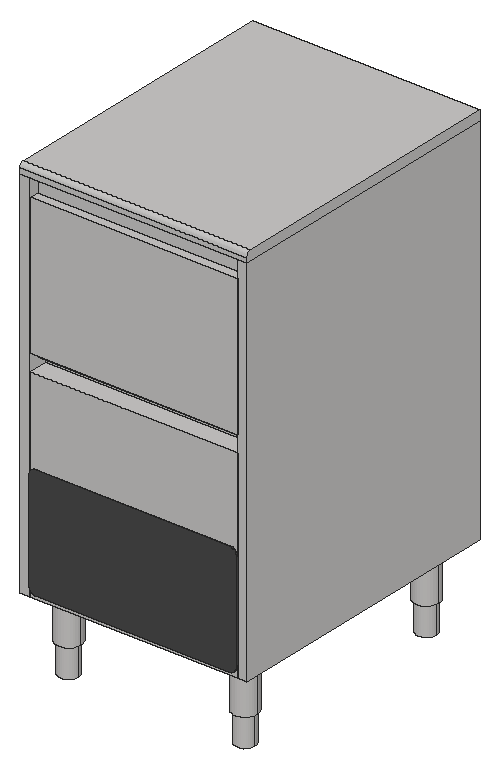
Revit family "QF_ZANUSSI_730336_IGE55I20SNP", category Attrezzature speciali, Revit 2018
Family settings
  Quota connettore circolare = Usa diametro
  Tipo di parte = Normale
  Basato su piano di lavoro = No
  Sempre verticale = Sì
  Taglio con vuoti quando caricato = No
  Condiviso = No
  Punto di calcolo locali = No
Parameters (values of type "Standard")
  Weight = 0.00 kg
  Watts = 550 W
  Volts = 220 V
  URL Manufacturer = "http://www.zanussiprofessional.com"
  URL = "http://www.zanussiprofessional.com"
  Steam Supply Size = 0 mm
  Steam Supply Minimum Pressure = 0.0 Pa
  Steam Supply Maximum Pressure = 0.0 Pa
  Steam Pounds per Hour = 0
  Show Logo [instance] = yes
  Show Clearance [instance] = yes
  Refrigeration Suction Line Size = 0 mm
  Refrigeration Liquid Line Size = 0 mm
  Refrigerant Compressor Remote = yes
  Produttore = "Zanussi"
  Phase = 1
  Modello = "IGE55I20SNP"
  Length Actual = 465 mm  # constant formula
  Item Number = "730336"
  Hot Water Size = 0 mm
  Height Actual = 105 mm  # constant formula
  HP = "0.7 HP"
  Gas Size = 0 mm
  Gas KW = 0
  Gas Input Pressure = 0 W
  Descrizione = "AIR COOLED GRANULAR ICE XS 74KG/24H-BIN 20KG"
  Depth Actual = 595 mm  # constant formula
  Cycle = 50 Hz
  Condensate Return Size = 0 mm
  Compressed Air Volume = 0.0 L/s
  Compressed Air Size = 0 mm
  Compressed Air Pressure = 0.0 Pa
  Cold Water Size = 19.05 mm
  Accessory = yes
Reference planes
  plane 1 "Center X": y = 272.851
  plane 2: z = 0
  plane 3 "Center Y": x = -501.5
  plane 4 "LEFT": x = -734
  plane 5 "RIGHT": x = -269
  plane 6 "FRONT": y = -24.649
  plane 7 "BACK": y = 570.351
  plane 8: z = 155
  plane 9: z = 943
  plane 10: z = 923
  plane 11: x = -714
  plane 12: x = -289
  plane 13: y = 15.351
Forms (mm)
  Extrusion 1, solid, material "QF_Finishes_Black"
    sketch origin (-217.296, -24.649, 371.513) x (-1, 0, 0) y (0, 0, -1)
      loop
        arc (481.704, -21.487) -> (492.311, -17.093) -> (496.704, -6.487) r 15
        line (496.704, -6.487) -> (496.704, 194.469)
        arc (496.704, 194.469) -> (492.311, 205.075) -> (481.704, 209.469) r 15
        line (481.704, 209.469) -> (86.704, 209.469)
        arc (86.704, 209.469) -> (76.097, 205.075) -> (71.704, 194.469) r 15
        line (71.704, 194.469) -> (71.704, -6.487)
        arc (71.704, -6.487) -> (76.097, -17.093) -> (86.704, -21.487) r 15
        line (86.704, -21.487) -> (481.704, -21.487)
    from 0 to 2
  Extrusion 2, solid, material "QF_Finishes_Stainless Steel"
    sketch origin (-501.5, 0, 0) x (0, 1, 0) y (0, 0, 1)
      loop
        line (570.351, 923) -> (570.351, 943) -> (-14.649, 943)
        arc (-14.649, 943) -> (-21.72, 940.071) -> (-24.649, 933) r 10
        line (-24.649, 933) -> (-24.649, 923) -> (570.351, 923)
    from -232.5 to 232.5
  Extrusion 3, solid, material "QF_Finishes_Stainless Steel"
    sketch origin (-321.2, 570.351, -329.545) x (1, 0, 0) y (0, 0, -1)
      loop
        circle (-16.8, -655.545) r 10
    from 0 to 10
  Extrusion 4, solid, material "QF_Finishes_Stainless Steel"
    sketch origin (0, 0, 0) x (1, 0, 0) y (0, 1, 0)
      loop
        line (-734, 570.351) -> (-734, -24.649) -> (-714, -24.649) -> (-714, 570.351) -> (-734, 570.351)
    from 155 to 923
  Extrusion 5, solid, material "QF_Finishes_Stainless Steel"
    sketch origin (0, 0, 0) x (1, 0, 0) y (0, 1, 0)
      loop
        line (-289, 570.351) -> (-289, -24.649) -> (-269, -24.649) -> (-269, 570.351) -> (-289, 570.351)
    from 155 to 923
  Extrusion 6, solid, material "QF_Finishes_Stainless Steel"
    sketch origin (0, 0, 0) x (1, 0, 0) y (0, 1, 0)
      loop
        line (-714, 570.351) -> (-714, 15.351) -> (-289, 15.351) -> (-289, 570.351) -> (-714, 570.351)
    from 155 to 923
  Extrusion 7, solid, material "QF_Finishes_Stainless Steel"
    sketch origin (0, 0, 0) x (1, 0, 0) y (0, 1, 0)
      loop
        line (-714, -24.649) -> (-289, -24.649) -> (-289, 15.351) -> (-714, 15.351) -> (-714, -24.649)
    from 155 to 567.953
  Extrusion 8, solid, material "QF_Finishes_Stainless Steel"
    sketch origin (-501.5, 0, 0) x (0, 1, 0) y (0, 0, 1)
      loop
        line (15.351, 923) -> (-4.649, 923) -> (-4.649, 887) -> (-24.649, 887) -> (-24.649, 601.652) -> (-4.649, 601.652) -> (-4.649, 586.652) -> (15.351, 586.652) -> (15.351, 923)
    from -212.5 to 212.5
  Extrusion 9, solid, material "QF_Finishes_Stainless Steel"
    sketch origin (-303.2, 570.351, -440.545) x (1, 0, 0) y (0, 0, -1)
      loop
        circle (-16.8, -655.545) r 10
    from 0 to 10
  Extrusion 10, solid, material "QF_Finishes_Stainless Steel"
    sketch origin (-363.2, 570.351, -361.545) x (1, 0, 0) y (0, 0, -1)
      loop
        circle (-16.8, -655.545) r 10
    from 0 to 10
Lines and regions (mm)
  Split face 1
    outline origin (-501.5, -4.649, 923) x (0, 0, -1) y (1, 0, 0)
      loop
        line (5.715, 89.928) -> (30.715, 89.928) -> (30.715, 129.928) -> (5.715, 129.928) -> (5.715, 89.928)
  symbolic lines
    curve 1: line (-734, 570.351, 0) -> (-269, 570.351, 0)
    curve 2: line (-734, -24.649, 0) -> (-734, 570.351, 0)
    curve 3: line (-269, -24.649, 0) -> (-734, -24.649, 0)
    curve 4: line (-269, 570.351, 0) -> (-269, -24.649, 0)
Dimensions and locks
  equal spacing: plane 4 "LEFT", plane 3 "Center Y", plane 5 "RIGHT"
  plane 4 "LEFT" to plane 5 "RIGHT" = 465 mm
  equal spacing: plane 7 "BACK", plane 1 "Center X", plane 6 "FRONT"
  plane 7 "BACK" to plane 6 "FRONT" = 595 mm
  plane 8 to plane 2 = 155 mm
  plane 9 to plane 8 = 788 mm
  locked: plane 4 "LEFT" to plane 11 at 20
  locked: plane 12 to plane 5 "RIGHT" at 20
  locked: plane 9 to plane 10 at 20
  locked: plane 13 to plane 6 "FRONT" at 40
  aligned and locked: level to plane 2
  aligned and locked: plane 5 "RIGHT" to Extrusion 2
  aligned and locked: Extrusion 2 to plane 4 "LEFT"
  aligned and locked: Extrusion 4 sketch curve to Extrusion 2  (x2)
  aligned and locked: plane 6 "FRONT" to Extrusion 4 sketch curve
  aligned and locked: Extrusion 4 sketch curve to plane 11
  aligned and locked: Extrusion 5 sketch curve to plane 7 "BACK"
  aligned and locked: plane 12 to Extrusion 5 sketch curve
  aligned and locked: Extrusion 5 sketch curve to Extrusion 2  (x2)
  aligned and locked: plane 10 to Extrusion 4
  aligned and locked: plane 10 to Extrusion 5
  aligned and locked: Extrusion 4 to plane 8
  aligned and locked: Extrusion 5 to plane 8
  aligned and locked: Extrusion 6 sketch curve to Extrusion 4
  aligned and locked: Extrusion 4 to Extrusion 6 sketch curve
  aligned and locked: plane 13 to Extrusion 6 sketch curve
  aligned and locked: Extrusion 6 sketch curve to plane 12
  aligned and locked: plane 10 to Extrusion 6
  aligned and locked: Extrusion 6 to plane 8
  aligned and locked: Extrusion 4 to Extrusion 7 sketch curve
  aligned and locked: Extrusion 7 sketch curve to Extrusion 4
  aligned and locked: plane 13 to Extrusion 7 sketch curve
  aligned and locked: plane 12 to Extrusion 7 sketch curve
  aligned and locked: Extrusion 7 to plane 8
  aligned and locked: plane 12 to Extrusion 8
  aligned and locked: Extrusion 8 to plane 11
Automatic sketch dimensions
  curve 3 to plane 4 "LEFT" = 0 mm
  curve 3 to plane 5 "RIGHT" = 0 mm
  curve 3 to plane 6 "FRONT" = 0 mm
  curve 2 to plane 7 "BACK" = 0 mm
  Extrusion 1 sketch curve to plane 12 = 0 mm
  plane 8 to Extrusion 1 sketch curve = 7.044 mm
  Extrusion 1 sketch curve to Extrusion 1 sketch curve = 15 mm  (x3)
  plane 11 to Extrusion 1 sketch curve = 15 mm  (x2)
  Extrusion 1 sketch curve to Extrusion 1 sketch curve = 200.956 mm
  Extrusion 2 sketch curve to plane 6 "FRONT" = 0 mm
  Extrusion 2 sketch curve to plane 9 = 0 mm
  Extrusion 2 sketch curve to plane 7 "BACK" = 0 mm
  Extrusion 2 sketch curve to plane 10 = 0 mm
  plane 6 "FRONT" to Extrusion 2 sketch curve = 10 mm
  Extrusion 6 to Extrusion 3 sketch curve = 171 mm
  Extrusion 3 sketch curve to Extrusion 6 = 49 mm
  Split face 1 sketch curve to Extrusion 8 = 5.715 mm
  Extrusion 8 to Split face 1 sketch curve = 5.285 mm
  Split face 1 sketch curve to Extrusion 8 = 122.572 mm
  Split face 1 sketch curve to Split face 1 sketch curve = 40 mm
  Extrusion 9 sketch curve to Extrusion 6 = 31 mm
  Extrusion 6 to Extrusion 9 sketch curve = 60 mm
  Extrusion 10 sketch curve to Extrusion 6 = 91 mm
  Extrusion 6 to Extrusion 10 sketch curve = 139 mm
  Extrusion 8 sketch curve to plane 6 "FRONT" = 0 mm
  Extrusion 8 sketch curve to plane 10 = 0 mm
  Extrusion 8 sketch curve to plane 13 = 0 mm
  plane 6 "FRONT" to Extrusion 8 sketch curve = 20 mm
  Extrusion 8 sketch curve to Extrusion 8 sketch curve = 20 mm
  Extrusion 8 sketch curve to plane 10 = 36 mm
  Extrusion 8 sketch curve to Extrusion 8 sketch curve = 285.348 mm
  Extrusion 8 sketch curve to Extrusion 8 sketch curve = 15 mm
  radius of Extrusion 3 sketch curve = 10 mm
  radius of Extrusion 9 sketch curve = 10 mm
  radius of Extrusion 10 sketch curve = 10 mm
Nested families
  nested 1: "Foot_Complete" at (-682, 35.351, 0), type "Foot_Complete"
    with H 155 mm
  nested 2: "Foot_Complete" at (-321, 35.351, 0) x (-1, 0, 0) z (0, 0, 1), type "Foot_Complete"
    with H 155 mm
  nested 3: "Foot_Complete" at (-682, 499.351, 0), type "Foot_Complete"
    with H 155 mm
  nested 4: "Foot_Complete" at (-321, 499.351, 0) x (-1, 0, 0) z (0, 0, 1), type "Foot_Complete"
    with H 155 mm
Connectors
  electrical at (-320, 580.351, 215), driven by "Volts"
    settings: on Extrusion 9, index 1, voltage 220 V, apparent load 0 VA, apparent load phase1 0 VA, apparent load phase2 0 VA, apparent load phase3 0 VA, power factor 1, load classification "Altro", number of poles 1, system type 30, power factor state 1, is connector primary yes, connector utility no, sub classification motor no, connector description "Electrical Connection"
  piping at (-338, 580.351, 326), diameter 20
    settings: on Extrusion 3, index 2, connector inside diameter 609.6 mm, connector length 0 mm, flow factor 0, pipe flow 0.0 L/s, pressure drop 0.0 Pa, fitting loss kfactor 0, connector angle 0.00°, fixture units 0, engagement length 0 mm, angle of deflection 0.00°, flow configuration 0, flow direction 0, fitting loss method 0, system type 20, joint type 0, gender type 0, connector reference index -1, connector utility 0, adjustable connector no, is connector primary yes, connector description "Cold water"
  piping at (-380, 580.351, 294), diameter 20
    settings: on Extrusion 10, index 3, connector inside diameter 609.6 mm, connector length 0 mm, flow factor 0, pipe flow 0.0 L/s, pressure drop 0.0 Pa, fitting loss kfactor 0, connector angle 0.00°, fixture units 0, engagement length 0 mm, angle of deflection 0.00°, flow configuration 0, flow direction 0, fitting loss method 0, system type 16, joint type 0, gender type 0, connector reference index -1, connector utility 0, adjustable connector no, is connector primary no, connector description "Drain"
Definition of nested family "Foot_Complete"
  Parameters (values of type "Foot_Complete")
    R = 25 mm
    H = 153 mm
  Reference planes
    plane 1 "Centro (Fronte/Retro)": y = 0
    plane 2: z = 0
    plane 3 "Centro (Sinistra/Destra)": x = 0
    plane 4: z = 153
  Forms (mm)
    Revolve 1, solid
      sketch origin (255.05, 0, 608.09) x (0, 0, 1) y (-1, 0, 0)
        loop
          line (-608.09, 255.05) -> (-608.09, 235.05) -> (-548.09, 235.05) -> (-548.09, 230.05) -> (-455.09, 230.05) -> (-455.09, 255.05) -> (-608.09, 255.05)
        axis (-608.09, 255.05) -> (-455.09, 255.05)
      angle from 0 to 360
  Dimensions and locks
    level to Revolve 1 sketch curve = 60 mm
    "R": Revolve 1 sketch curve to plane 3 "Centro (Sinistra/Destra)"
    "H": plane 4 to level
    aligned and locked: level to plane 2
    aligned and locked: plane 4 to Revolve 1 sketch curve
    aligned and locked: Revolve 1 sketch curve to level
    aligned and locked: plane 3 "Centro (Sinistra/Destra)" to Revolve 1 sketch curve
  Automatic sketch dimensions
    Revolve 1 sketch curve to plane 3 "Centro (Sinistra/Destra)" = 0 mm
    plane 3 "Centro (Sinistra/Destra)" to Revolve 1 sketch curve = 20 mm
    Revolve 1 sketch curve to Revolve 1 sketch curve = 50 mm
    Revolve 1 sketch curve to Revolve 1 sketch curve = 20 mm
